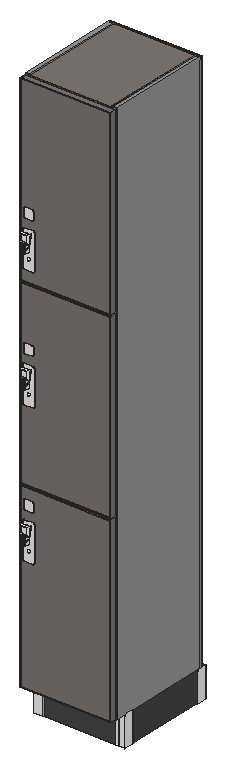
Revit family "Wood_Lockers_Hasps-Salsbury_Industries-43000_Series-1_Wide_Units.rfa", category Specialty Equipment, Revit 2016 (continued)
Definition of nested family "Wood Locker Flat Corner Fillers"
  Automatic sketch dimensions
    Extrusion 2 sketch curve to plane 5 "Left Side" = 0.000"
    plane 6 "Front Side" to Extrusion 2 sketch curve = 0.000"
    Extrusion 2 sketch curve to plane 11 = 0.000"
    Extrusion 2 sketch curve to plane 4 "Right Side" = 0.000"
    Extrusion 2 sketch curve to plane 12 = 0.000"
    plane 7 "Back Side" to Extrusion 2 sketch curve = 0.000"
    Extrusion 1 sketch curve to plane 5 "Left Side" = 0.000"
    plane 7 "Back Side" to Extrusion 1 sketch curve = 0.000"
    Extrusion 1 sketch curve to plane 12 = 0.000"
    Extrusion 1 sketch curve to plane 4 "Right Side" = 0.000"
    plane 6 "Front Side" to Extrusion 1 sketch curve = 0.000"
    Extrusion 1 sketch curve to plane 11 = 0.000"
Definition of nested family "Wood Locker Side Panels-No Slope"
  Parameters (values of type "44330 - 6' H for 15"D Lockers")
    Width = 14.625"
    Visible = yes
    Version = "1.0 (12/15/23)"
    Type Comments = "Side Panel for Premier Wood Lockers without Sloping Hood"
    Model = "44330"
    Manufacturer = "Salsbury Industries"
    Laminate Surface = none
    Height = 72.000"
    Door Trim = none
    Description = "6' H for 15\" D Lockers"
    Depth = 0.750"
  Types (6): name | Width | Visible | Version | Type Comments | Model | Manufacturer | Description
    (no name) | 14.625" | yes | "1.0 (12/15/23)" | "Side Panel for Premier Wood Lockers without Sloping Hood" | "44330" | "Salsbury Industries" | "6' H for 15\" D Lockers"
    44330 - 6' H for 15"D Lockers | 14.625" | yes | "1.0 (12/15/23)" | "Side Panel for Premier Wood Lockers without Sloping Hood" | "44330" | "Salsbury Industries" | "6' H for 15\" D Lockers"
    44333 - 6' H for 18" D Lockers | 17.625" | yes | "1.0 (12/15/23)" | "Side Panel for Premier Wood Lockers withouth Sloping Hood" | "44333" | "Salsbury Industries" | "6' H for 18\" D Lockers"
    44335 - 6' H for 21" D Lockers | 20.625" | yes | "1.0 (12/15/23)" | "Side Panel for Premier Wood Lockers without Sloping Hood" | "44335" | "Salsbury Industries" | "6' H for 21\" D Lockers"
    None | 14.000" | no | "" | "" | "" | "" | ""
    44237 - 6' H for 24" D Lockers | 23.625" | yes | "1.0 (12/15/23)" | "Side Panel for Premier Wood Lockers without Sloping Hood" | "44237" | "Salsbury Industries" | "6' H for 21\" D Lockers"
  Reference planes (in)
    plane 1 "Center (Front/Back)": y = 0
    plane 2: z = 0
    plane 3 "Center (Left/Right)": x = 0
    plane 4 "Back": y = 0.375
    plane 5 "Front": y = -0.375
    plane 6 "Left Side": x = -7.3125
    plane 7 "Right Side": x = 7.3125
    plane 8 "Bottom": z = 0
    plane 9 "Top": z = 72
    plane 10 "Center Elevation": z = 36
    plane 11 "Wood - Laminate Edge": y = -0.344
    plane 12 "Right Side of Wood": x = 7.2815
    plane 13 "Left Side of Wood": x = -7.2815
    plane 14 "Top of Wood": z = 71.969
    plane 15 "Bottom of Wood": z = 0.031
  Forms (in)
    Extrusion 1, solid, visible <- "Visible"
      sketch origin (0, 0.375, 0) x (1, 0, 0) y (0, 0, 1)
        loop
          line (7.2815, 71.969) -> (-7.2815, 71.969) -> (-7.2815, 0.031) -> (7.2815, 0.031) -> (7.2815, 71.969)
      from 0 to 0.719
    Extrusion 2, solid, material <- "Laminate Surface", visible <- "Visible"
      sketch origin (0, -0.375, 0) x (1, 0, 0) y (0, 0, 1)
        loop
          line (-7.3125, 72) -> (-7.3125, 0) -> (7.3125, 0) -> (7.3125, 72) -> (-7.3125, 72)
      from -0.031 to 0
    Extrusion 3, solid, material <- "Laminate Surface", visible <- "Visible"
      sketch origin (0, 0, 0) x (1, 0, 0) y (0, 0, 1)
        loop
          line (-7.3125, 0) -> (7.3125, 0) -> (7.3125, 72) -> (-7.3125, 72) -> (-7.3125, 0)
        loop
          line (-7.2815, 0.031) -> (7.2815, 0.031) -> (7.2815, 71.969) -> (-7.2815, 71.969) -> (-7.2815, 0.031)
      from -0.375 to 0.344
  Dimensions and locks (in)
    equal spacing: plane 6 "Left Side", plane 3 "Center (Left/Right)", plane 7 "Right Side"
    plane 5 "Front" to plane 1 "Center (Front/Back)" to plane 4 "Back" = 0.375", 0.375"
    "Width": plane 6 "Left Side" to plane 7 "Right Side"
    "Depth": plane 5 "Front" to plane 4 "Back"
    equal spacing: plane 9 "Top", plane 10 "Center Elevation", plane 8 "Bottom"
    "Height": plane 9 "Top" to plane 8 "Bottom"
    locked: plane 5 "Front" to plane 11 "Wood - Laminate Edge" at 0.031
    locked: plane 15 "Bottom of Wood" to plane 8 "Bottom" at 0.031
    locked: plane 12 "Right Side of Wood" to plane 7 "Right Side" at 0.031
    locked: plane 6 "Left Side" to plane 13 "Left Side of Wood" at 0.031
    locked: plane 9 "Top" to plane 14 "Top of Wood" at 0.031
    aligned and locked: level to plane 2
    aligned and locked: Extrusion 2 sketch curve to plane 7 "Right Side"
    aligned and locked: plane 8 "Bottom" to Extrusion 2 sketch curve
    aligned and locked: plane 6 "Left Side" to Extrusion 2 sketch curve
    aligned and locked: plane 9 "Top" to Extrusion 2 sketch curve
    aligned and locked: Extrusion 3 to plane 4 "Back"
    aligned and locked: plane 11 "Wood - Laminate Edge" to Extrusion 3
  Automatic sketch dimensions
    plane 13 "Left Side of Wood" to Extrusion 1 sketch curve = 0.000"
    plane 12 "Right Side of Wood" to Extrusion 1 sketch curve = 0.000"
    Extrusion 1 sketch curve to plane 15 "Bottom of Wood" = 0.000"
    Extrusion 1 sketch curve to plane 14 "Top of Wood" = 0.000"
    plane 13 "Left Side of Wood" to Extrusion 3 sketch curve = 0.000"
    Extrusion 3 sketch curve to level = 0.000"
    plane 13 "Left Side of Wood" to Extrusion 3 sketch curve = 0.031"
    plane 12 "Right Side of Wood" to Extrusion 3 sketch curve = 0.000"
    plane 7 "Right Side" to Extrusion 3 sketch curve = 0.000"
    Extrusion 3 sketch curve to plane 15 "Bottom of Wood" = 0.000"
    Extrusion 3 sketch curve to plane 14 "Top of Wood" = 0.000"
    Extrusion 3 sketch curve to plane 9 "Top" = 0.000"
Definition of nested family "Wood Locker Side Panels-With Slope"
  Parameters (values of type "44334 - 6' H  for 18" D Lockers")
    Width = 17.625"
    Visible = yes
    Version = "1.0 (12/15/23)"
    Type Comments = "Side Panel for Premier Wood Lockers with Sloping Hood"
    Slope Height = 6.806"
    Model = "44334"
    Manufacturer = "Salsbury Industries"
    Laminate Surface = none
    Height = 72.062"
    Door Trim = none
    Description = "6' H for 18\" D Lockers"
    Depth = 0.750"
  Types (6): name | Width | Visible | Version | Type Comments | Slope Height | Model | Manufacturer | Height | Description
    (no name) | 17.625" | yes | "1.0 (12/15/23)" | "Side Panel for Premier Wood Lockers with Sloping Hood" | 6.806" | "44334" | "Salsbury Industries" | 72.062" | "6' H for 18\" D Lockers"
    44334 - 6' H  for 18" D Lockers | 17.625" | yes | "1.0 (12/15/23)" | "Side Panel for Premier Wood Lockers with Sloping Hood" | 6.806" | "44334" | "Salsbury Industries" | 72.062" | "6' H for 18\" D Lockers"
    44336 - 6' H for 21" D Lockers | 20.625" | yes | "1.0 (12/15/23)" | "Side Panel for Premier Wood Lockers with Sloping Hood" | 7.931" | "44336" | "Salsbury Industries" | 72.062" | "6' H for 21\" D Lockers"
    None | 14.625" | no | "" | "" | 5.681" | "" | "" | 72.062" | ""
    44339 - 6' H for 15" D Lockers | 14.625" | yes | "1.0 (12/15/23)" | "Side Panel for Premier Wood Lockers with Sloping Hood" | 5.681" | "44339" | "Salsbury Industries" | 72.062" | "6' H for 15\" D Lockers"
    44238- 6' H for 24" D Lockers | 23.625" | yes | "1.0 (12/15/23)" | "Side Panel for Premier Wood Lockers with Sloping Hood" | 8.608" | "44238" | "Salsbury Industries" | 72.153" | "6' H for 24\" D Lockers"
  Reference planes (in)
    plane 1 "Center (Front/Back)": y = 0
    plane 2: z = 0
    plane 3 "Center (Left/Right)": x = 0
    plane 4 "Back": y = 0.375
    plane 5 "Front": y = -0.375
    plane 6 "Left Side": x = -8.8125
    plane 7 "Right Side": x = 8.8125
    plane 8 "Bottom": z = 0
    plane 9 "Top": z = 72.062
    plane 10 "Center Elevation": z = 36.031
    plane 11 "Wood - Laminate Edge": y = -0.344
    plane 12 "Right Side of Wood": x = 8.7815
    plane 13 "Left Side of Wood": x = -8.7815
    plane 14 "Top of Wood": z = 71.937
    plane 15 "Bottom of Wood": z = 0.031
    plane 16: z = 78.868
    plane 17: z = 78.743
  Forms (in)
    Extrusion 1, solid, visible <- "Visible"
      sketch origin (0, 0.375, 0) x (1, 0, 0) y (0, 0, 1)
        loop
          line (-8.8125, 78.837) -> (-8.8125, 0) -> (8.7815, 0) -> (8.7815, 72.04287) -> (-8.8125, 78.837)
      from 0 to 0.719
    Extrusion 2, solid, material <- "Laminate Surface", visible <- "Visible"
      sketch origin (0, -0.375, 0) x (1, 0, 0) y (0, 0, 1)
        loop
          line (-8.8125, 0) -> (8.8125, 0) -> (8.8125, 72.062) -> (-8.8125, 78.868) -> (-8.8125, 0)
      from -0.031 to 0
    Extrusion 3, solid, material <- "Laminate Surface", visible <- "Visible"
      sketch origin (0, -0.375, 0) x (1, 0, 0) y (0, 0, 1)
        loop
          line (8.8125, 0) -> (8.8125, 72.062) -> (-8.8125, 78.868) -> (-8.8125, 78.837) -> (8.7815, 72.04287) -> (8.7815, 0) -> (8.8125, 0)
      from -0.031 to -0.75
  Dimensions and locks (in)
    equal spacing: plane 6 "Left Side", plane 3 "Center (Left/Right)", plane 7 "Right Side"
    plane 5 "Front" to plane 1 "Center (Front/Back)" to plane 4 "Back" = 0.375", 0.375"
    "Width": plane 6 "Left Side" to plane 7 "Right Side"
    "Depth": plane 5 "Front" to plane 4 "Back"
    equal spacing: plane 9 "Top", plane 10 "Center Elevation", plane 8 "Bottom"
    "Height": plane 9 "Top" to plane 8 "Bottom"
    locked: plane 5 "Front" to plane 11 "Wood - Laminate Edge" at 0.031
    locked: plane 15 "Bottom of Wood" to plane 8 "Bottom" at 0.031
    locked: plane 12 "Right Side of Wood" to plane 7 "Right Side" at 0.031
    locked: plane 6 "Left Side" to plane 13 "Left Side of Wood" at 0.031
    locked: plane 9 "Top" to plane 14 "Top of Wood" at 0.125
    "Slope Height": plane 16 to plane 9 "Top"
    locked: plane 16 to plane 17 at 0.125
    aligned and locked: level to plane 2
    aligned and locked: Extrusion 3 to plane 4 "Back"
    aligned and locked: plane 11 "Wood - Laminate Edge" to Extrusion 3
  Automatic sketch dimensions
    plane 6 "Left Side" to Extrusion 2 sketch curve = 0.000"
    plane 7 "Right Side" to Extrusion 2 sketch curve = 0.000"
    Extrusion 2 sketch curve to level = 0.000"
    Extrusion 2 sketch curve to plane 9 "Top" = 0.000"
    Extrusion 2 sketch curve to plane 16 = 0.000"
    Extrusion 1 sketch curve to level = 0.000"
    plane 6 "Left Side" to Extrusion 1 sketch curve = 0.000"
    plane 12 "Right Side of Wood" to Extrusion 1 sketch curve = 0.000"
    plane 9 "Top" to Extrusion 1 sketch curve = 0.01913"
    plane 6 "Left Side" to Extrusion 3 sketch curve = 0.000"
    plane 12 "Right Side of Wood" to Extrusion 3 sketch curve = 0.000"
    plane 7 "Right Side" to Extrusion 3 sketch curve = 0.000"
    Extrusion 3 sketch curve to level = 0.000"
    Extrusion 3 sketch curve to plane 9 "Top" = 0.000"
    Extrusion 3 sketch curve to plane 16 = 0.000"
    plane 9 "Top" to Extrusion 3 sketch curve = 0.01913"
    plane 16 to Extrusion 3 sketch curve = 0.031"
    plane 16 to Extrusion 1 sketch curve = 0.031"
Definition of nested family "Wood Locker Double Side Panels-No Slope"
  Parameters (values of type "44330DE - 6' H for 15"D Lockers")
    Width = 29.250"
    Visible = yes
    Version = "1.0 (12/15/23)"
    Type Comments = "Double End Panel for Premier Wood Lockers"
    Model = "44330DE"
    Manufacturer = "Salsbury Industries"
    Laminate Surface = none
    Height = 72.000"
    Door Trim = none
    Description = "For 6' H x 15\" D without Sloping Hood"
    Depth = 0.750"
  Types (6): name | Width | Visible | Version | Type Comments | Model | Manufacturer | Description
    (no name) | 29.250" | yes | "1.0 (12/15/23)" | "Double End Panel for Premier Wood Lockers" | "44330DE" | "Salsbury Industries" | "For 6' H x 15\" D without Sloping Hood"
    44330DE - 6' H for 15"D Lockers | 29.250" | yes | "1.0 (12/15/23)" | "Double End Panel for Premier Wood Lockers" | "44330DE" | "Salsbury Industries" | "For 6' H x 15\" D without Sloping Hood"
    44333DE - 6' H for 18" D Lockers | 35.250" | yes | "1.0 (12/15/23)" | "Double End Panel for Premier Wood Lockers" | "44333DE" | "Salsbury Industries" | "For 6' H x 18\" D without Sloping Hood"
    44335DE - 6' H for 21" D Lockers | 41.250" | yes | "1.0 (12/15/23)" | "Double End Panel for Premier Wood Lockers" | "44335DE" | "Salsbury Industries" | "For 6' H x 21\" D without Sloping Hood"
    None | 14.000" | no | "" | "" | "" | "" | ""
    44237DE - 6' H for 24" D Lockers | 47.250" | yes | "1.0 (12/15/23)" | "Double End Panel for Premier Wood Lockers" | "44237DE" | "Salsbury Industries" | "For 6' H x 21\" D without Sloping Hood"
  Reference planes (in)
    plane 1 "Center (Front/Back)": y = 0
    plane 2: z = 0
    plane 3 "Center (Left/Right)": x = 0
    plane 4 "Back": y = 0.375
    plane 5 "Front": y = -0.375
    plane 6 "Left Side": x = -14.625
    plane 7 "Right Side": x = 14.625
    plane 8 "Bottom": z = 0
    plane 9 "Top": z = 72
    plane 10 "Center Elevation": z = 36
    plane 11 "Wood - Laminate Edge": y = -0.344
    plane 12 "Right Side of Wood": x = 14.594
    plane 13 "Left Side of Wood": x = -14.594
    plane 14 "Top of Wood": z = 71.969
    plane 15 "Bottom of Wood": z = 0.031
  Forms (in)
    Extrusion 1, solid, visible <- "Visible"
      sketch origin (0, 0.375, 0) x (1, 0, 0) y (0, 0, 1)
        loop
          line (14.594, 71.969) -> (-14.594, 71.969) -> (-14.594, 0.031) -> (14.594, 0.031) -> (14.594, 71.969)
      from 0 to 0.719
    Extrusion 2, solid, material <- "Laminate Surface", visible <- "Visible"
      sketch origin (0, -0.375, 0) x (1, 0, 0) y (0, 0, 1)
        loop
          line (-14.625, 72) -> (-14.625, 0) -> (14.625, 0) -> (14.625, 72) -> (-14.625, 72)
      from -0.031 to 0
    Extrusion 3, solid, material <- "Laminate Surface", visible <- "Visible"
      sketch origin (0, 0, 0) x (1, 0, 0) y (0, 0, 1)
        loop
          line (-14.625, 0) -> (14.625, 0) -> (14.625, 72) -> (-14.625, 72) -> (-14.625, 0)
        loop
          line (14.594, 71.969) -> (-14.594, 71.969) -> (-14.594, 0.031) -> (14.594, 0.031) -> (14.594, 71.969)
      from -0.375 to 0.344
  Dimensions and locks (in)
    equal spacing: plane 6 "Left Side", plane 3 "Center (Left/Right)", plane 7 "Right Side"
    plane 5 "Front" to plane 1 "Center (Front/Back)" to plane 4 "Back" = 0.375", 0.375"
    "Width": plane 6 "Left Side" to plane 7 "Right Side"
    "Depth": plane 5 "Front" to plane 4 "Back"
    equal spacing: plane 9 "Top", plane 10 "Center Elevation", plane 8 "Bottom"
    "Height": plane 9 "Top" to plane 8 "Bottom"
    locked: plane 5 "Front" to plane 11 "Wood - Laminate Edge" at 0.031
    locked: plane 15 "Bottom of Wood" to plane 8 "Bottom" at 0.031
    plane 12 "Right Side of Wood" to plane 7 "Right Side" = 0.031"
    locked: plane 6 "Left Side" to plane 13 "Left Side of Wood" at 0.031
    locked: plane 9 "Top" to plane 14 "Top of Wood" at 0.031
    aligned and locked: level to plane 2
    aligned and locked: plane 8 "Bottom" to Extrusion 2 sketch curve
    aligned and locked: plane 6 "Left Side" to Extrusion 2 sketch curve
    aligned and locked: Extrusion 2 sketch curve to plane 7 "Right Side"
    aligned and locked: plane 9 "Top" to Extrusion 2 sketch curve
    aligned and locked: Extrusion 3 to plane 4 "Back"
    aligned and locked: plane 11 "Wood - Laminate Edge" to Extrusion 3
  Automatic sketch dimensions
    plane 13 "Left Side of Wood" to Extrusion 1 sketch curve = 0.000"
    plane 12 "Right Side of Wood" to Extrusion 1 sketch curve = 0.000"
    Extrusion 1 sketch curve to plane 15 "Bottom of Wood" = 0.000"
    Extrusion 1 sketch curve to plane 14 "Top of Wood" = 0.000"
    Extrusion 3 sketch curve to level = 0.000"
    plane 6 "Left Side" to Extrusion 3 sketch curve = 0.000"
    plane 7 "Right Side" to Extrusion 3 sketch curve = 0.000"
    Extrusion 3 sketch curve to plane 9 "Top" = 0.000"
    plane 13 "Left Side of Wood" to Extrusion 3 sketch curve = 0.000"
    Extrusion 3 sketch curve to plane 15 "Bottom of Wood" = 0.000"
    Extrusion 3 sketch curve to plane 14 "Top of Wood" = 0.000"
    plane 12 "Right Side of Wood" to Extrusion 3 sketch curve = 0.000"
Definition of nested family "Wood Locker Double Side Panels-With Slope"
  Parameters (values of type "44339DE - 6' H for 15"D Lockers")
    Width = 29.250"
    Visible = yes
    Version = "1.0 (12/15/23)"
    Type Comments = "Double End Panel for Premier Wood Lockers"
    Slope Height = 5.681"
    Model = "44339DE"
    Manufacturer = "Salsbury Industries"
    Laminate Surface = none
    Height = 72.062"
    Door Trim = none
    Description = "For 6' H x 15\" D Lockers with Sloping Hood"
    Depth = 0.750"
  Types (6): name | Width | Visible | Version | Type Comments | Slope Height | Model | Manufacturer | Height | Description
    (no name) | 29.250" | yes | "1.0 (12/15/23)" | "Double End Panel for Premier Wood Lockers" | 5.681" | "44339DE" | "Salsbury Industries" | 72.062" | "For 6' H x 15\" D Lockers with Sloping Hood"
    44339DE - 6' H for 15"D Lockers | 29.250" | yes | "1.0 (12/15/23)" | "Double End Panel for Premier Wood Lockers" | 5.681" | "44339DE" | "Salsbury Industries" | 72.062" | "For 6' H x 15\" D Lockers with Sloping Hood"
    44334DE - 6' H  for 18" D Lockers | 35.250" | yes | "1.0 (12/15/23)" | "Double End Panel for Premier Wood Lockers" | 6.806" | "44334DE" | "Salsbury Industries" | 72.062" | "For 6' H x 18\" D Lockers with Sloping Hood"
    44336DE - 6' H for 21" D Lockers | 41.250" | yes | "1.0 (12/15/23)" | "Double End Panel for Premier Wood Lockers" | 7.931" | "44336DE" | "Salsbury Industries" | 72.062" | "For 6' H x 21\" D Lockers with Sloping Hood"
    None | 14.000" | no | "" | "" | 5.500" | "" | "" | 72.000" | ""
    44238DE - 6' H for 24" D Lockers | 47.250" | yes | "1.0 (12/15/23)" | "Double End Panel for Premier Wood Lockers" | 8.895" | "442386DE" | "Salsbury Industries" | 72.153" | "For 6' H x 21\" D Lockers with Sloping Hood"
  Reference planes (in)
    plane 1 "Center (Front/Back)": y = 0
    plane 2: z = 0
    plane 3 "Center (Left/Right)": x = 0
    plane 4 "Back": y = 0.375
    plane 5 "Front": y = -0.375
    plane 6 "Left Side": x = -14.625
    plane 7 "Right Side": x = 14.625
    plane 8 "Bottom": z = 0
    plane 9 "Top": z = 72.062
    plane 10 "Center Elevation": z = 36.031
    plane 11 "Wood - Laminate Edge": y = -0.344
    plane 12 "Right Side of Wood": x = 14.594
    plane 13 "Left Side of Wood": x = -14.594
    plane 14 "Top of Wood": z = 71.937
    plane 15 "Bottom of Wood": z = 0.125
    plane 16: z = 77.743
    plane 17: z = 77.712
  Forms (in)
    Extrusion 1, solid, visible <- "Visible"
      sketch origin (0, 0.375, 0) x (1, 0, 0) y (0, 0, 1)
        loop
          line (14.594, 72.031) -> (0, 77.712) -> (-14.594, 72.031) -> (-14.594, 0) -> (14.594, 0) -> (14.594, 72.031)
      from 0 to 0.719
    Extrusion 2, solid, material <- "Laminate Surface", visible <- "Visible"
      sketch origin (0, -0.375, 0) x (1, 0, 0) y (0, 0, 1)
        loop
          line (14.625, 0) -> (14.625, 72.062) -> (0, 77.743) -> (-14.625, 72.062) -> (-14.625, 0) -> (14.625, 0)
      from -0.031 to 0
    Extrusion 3, solid, material <- "Laminate Surface", visible <- "Visible"
      sketch origin (0, 0.375, 0) x (1, 0, 0) y (0, 0, 1)
        loop
          line (14.625, 0) -> (14.625, 72.062) -> (0, 77.743) -> (-14.625, 72.062) -> (-14.625, 0) -> (-14.594, 0) -> (-14.594, 72.031) -> (0, 77.712) -> (14.594, 72.031) -> (14.594, 0) -> (14.625, 0)
      from 0 to 0.719
  Dimensions and locks (in)
    equal spacing: plane 6 "Left Side", plane 3 "Center (Left/Right)", plane 7 "Right Side"
    plane 5 "Front" to plane 1 "Center (Front/Back)" to plane 4 "Back" = 0.375", 0.375"
    "Width": plane 6 "Left Side" to plane 7 "Right Side"
    "Depth": plane 5 "Front" to plane 4 "Back"
    equal spacing: plane 9 "Top", plane 10 "Center Elevation", plane 8 "Bottom"
    "Height": plane 9 "Top" to plane 8 "Bottom"
    locked: plane 5 "Front" to plane 11 "Wood - Laminate Edge" at 0.031
    locked: plane 15 "Bottom of Wood" to plane 8 "Bottom" at 0.125
    locked: plane 12 "Right Side of Wood" to plane 7 "Right Side" at 0.031
    locked: plane 6 "Left Side" to plane 13 "Left Side of Wood" at 0.031
    locked: plane 9 "Top" to plane 14 "Top of Wood" at 0.125
    "Slope Height": plane 16 to plane 9 "Top"
    locked: plane 16 to plane 17 at 0.031
    aligned and locked: level to plane 2
    aligned and locked: Extrusion 3 to plane 4 "Back"
    aligned and locked: plane 11 "Wood - Laminate Edge" to Extrusion 3
  Automatic sketch dimensions
    plane 6 "Left Side" to Extrusion 2 sketch curve = 0.000"
    Extrusion 2 sketch curve to plane 3 "Center (Left/Right)" = 0.000"
    plane 7 "Right Side" to Extrusion 2 sketch curve = 0.000"
    Extrusion 2 sketch curve to level = 0.000"
    Extrusion 2 sketch curve to plane 9 "Top" = 0.000"  (x2)
    Extrusion 2 sketch curve to plane 16 = 0.000"
    Extrusion 1 sketch curve to level = 0.000"
    plane 13 "Left Side of Wood" to Extrusion 1 sketch curve = 0.000"
    Extrusion 1 sketch curve to plane 3 "Center (Left/Right)" = 0.000"
    plane 12 "Right Side of Wood" to Extrusion 1 sketch curve = 0.000"
    Extrusion 1 sketch curve to plane 17 = 0.000"
    plane 9 "Top" to Extrusion 1 sketch curve = 0.031"  (x2)
    Extrusion 3 sketch curve to level = 0.000"  (x2)
    plane 6 "Left Side" to Extrusion 3 sketch curve = 0.000"
    plane 13 "Left Side of Wood" to Extrusion 3 sketch curve = 0.000"
    Extrusion 3 sketch curve to plane 3 "Center (Left/Right)" = 0.000"  (x2)
    plane 12 "Right Side of Wood" to Extrusion 3 sketch curve = 0.000"
    plane 7 "Right Side" to Extrusion 3 sketch curve = 0.000"
    Extrusion 3 sketch curve to plane 9 "Top" = 0.000"  (x2)
    plane 9 "Top" to Extrusion 3 sketch curve = 0.031"  (x2)
    Extrusion 3 sketch curve to plane 17 = 0.000"
    Extrusion 3 sketch curve to plane 16 = 0.000"
Definition of nested family "Wood Locker Front Fillers"
  Parameters (values of type "44469 - 9" W for 6' H Lockers without Base")
    Width = 9.000"
    Visible Base = no
    Visible = yes
    Version = "1.0 (1/31/24)"
    Type Comments = "Front Vertical Filler for Premier Wood Lockers"
    Model = "44469"
    Manufacturer = "Salsbury Industries"
    Laminate Surface = none
    Height = 72.000"
    Description = "For 6' H Lockers"
    Depth = 0.750"
    Base Height = 0.000"
  Types (6): name | Width | Visible Base | Visible | Version | Type Comments | Model | Manufacturer | Description | Base Height
    (no name) | 9.000" | no | yes | "1.0 (1/31/24)" | "Front Vertical Filler for Premier Wood Lockers" | "44469" | "Salsbury Industries" | "For 6' H Lockers" | 0.000"
    44467 - 15"W for 6' H Lockers with Base | 15.000" | yes | yes | "1.0 (01/31/24)" | "Front Vertical Filler for Premier Wood Lockers" | "444367" | "Salsbury Industries" | "For 6' H Lockers" | 4.000"
    None | 15.000" | no | no | "" | "" | "" | "" | "" | 4.000"
    44469 - 9" W for 6' H Lockers with Base | 9.000" | yes | yes | "1.0 (01/31/24)" | "Front Vertical Filler for Premier Wood Lockers" | "44469" | "Salsbury Industries" | "For 6' H Lockers" | 4.000"
    44467 - 15" W for 6'H Lockers without Base | 15.000" | no | yes | "1.0 (01/31/24)" | "Front Vertical Filler for Premier Wood Lockers" | "44467" | "Salsbury Industries" | "For 6' H Lockers" | 0.000"
    44469 - 9" W for 6' H Lockers without Base | 9.000" | no | yes | "1.0 (1/31/24)" | "Front Vertical Filler for Premier Wood Lockers" | "44469" | "Salsbury Industries" | "For 6' H Lockers" | 0.000"
  Reference planes (in)
    plane 1 "Center (Front/Back)": y = 0
    plane 2: z = 0
    plane 3 "Center (Left/Right)": x = 0
    plane 4 "Back": y = 0.375
    plane 5 "Front": y = -0.375
    plane 6 "Left Side": x = -4.5
    plane 7 "Right Side": x = 4.5
    plane 8 "Bottom": z = 0
    plane 9 "Top": z = 72
    plane 10 "Center Elevation": z = 36
    plane 11 "Wood - Laminate Edge": y = -0.344
    plane 12 "Right Side of Wood": x = 4.375
    plane 13 "Left Side of Wood": x = -4.375
    plane 14 "Top of Wood": z = 71.875
    plane 15 "Bottom of Wood": z = 0.125
    plane 16 "Front of Base Filler": y = 1
  Forms (in)
    Extrusion 1, solid, visible <- "Visible"
      sketch origin (0, 0.375, 0) x (1, 0, 0) y (0, 0, 1)
        loop
          line (4.5, 72) -> (-4.5, 72) -> (-4.5, 0) -> (4.5, 0) -> (4.5, 72)
      from 0 to 0.719
    Extrusion 2, solid, material <- "Laminate Surface", visible <- "Visible"
      sketch origin (0, -0.375, 0) x (1, 0, 0) y (0, 0, 1)
        loop
          line (-4.5, 72) -> (-4.5, 0) -> (4.5, 0) -> (4.5, 72) -> (-4.5, 72)
      from -0.031 to 0
    Extrusion 3, solid, visible <- "Visible Base"
      sketch origin (0, 0, 0) x (1, 0, 0) y (0, 1, 0)
        loop
          line (-4.5, 1.75) -> (-4.5, 0.375) -> (4.5, 0.375) -> (4.5, 1.75) -> (-4.5, 1.75)
      from 0 to 0.75
    Extrusion 4, solid, visible <- "Visible Base"
      sketch origin (0, 0, 0) x (1, 0, 0) y (0, 1, 0)
        loop
          line (-4.5, 1.75) -> (-4.5, 1) -> (4.5, 1) -> (4.5, 1.75) -> (-4.5, 1.75)
      from 0 to -4
  Dimensions and locks (in)
    equal spacing: plane 6 "Left Side", plane 3 "Center (Left/Right)", plane 7 "Right Side"
    plane 5 "Front" to plane 1 "Center (Front/Back)" to plane 4 "Back" = 0.375", 0.375"
    "Width": plane 6 "Left Side" to plane 7 "Right Side"
    "Depth": plane 5 "Front" to plane 4 "Back"
    equal spacing: plane 9 "Top", plane 10 "Center Elevation", plane 8 "Bottom"
    locked: plane 5 "Front" to plane 11 "Wood - Laminate Edge" at 0.031
    locked: plane 15 "Bottom of Wood" to plane 8 "Bottom" at 0.125
    locked: plane 12 "Right Side of Wood" to plane 7 "Right Side" at 0.125
    locked: plane 6 "Left Side" to plane 13 "Left Side of Wood" at 0.125
    locked: plane 9 "Top" to plane 14 "Top of Wood" at 0.125
    locked: plane 5 "Front" to plane 16 "Front of Base Filler" at 1.375
    "Base Height": plane 8 "Bottom" to plane 2
    "Height": plane 9 "Top" to plane 8 "Bottom"
    aligned and locked: level to plane 2
    aligned and locked: plane 8 "Bottom" to Extrusion 1
  Automatic sketch dimensions
    plane 6 "Left Side" to Extrusion 1 sketch curve = 0.000"
    plane 7 "Right Side" to Extrusion 1 sketch curve = 0.000"
    level to Extrusion 1 sketch curve = 0.000"
    Extrusion 1 sketch curve to plane 9 "Top" = 0.000"
    plane 6 "Left Side" to Extrusion 2 sketch curve = 0.000"
    plane 7 "Right Side" to Extrusion 2 sketch curve = 0.000"
    plane 15 "Bottom of Wood" to Extrusion 2 sketch curve = 0.125"
    Extrusion 2 sketch curve to plane 9 "Top" = 0.000"
    plane 4 "Back" to Extrusion 3 sketch curve = 0.000"
    Extrusion 3 sketch curve to plane 6 "Left Side" = 0.000"
    Extrusion 3 sketch curve to plane 7 "Right Side" = 0.000"
    Extrusion 3 sketch curve to plane 16 "Front of Base Filler" = 0.750"
    Extrusion 4 sketch curve to plane 6 "Left Side" = 0.000"
    Extrusion 4 sketch curve to plane 7 "Right Side" = 0.000"
    plane 16 "Front of Base Filler" to Extrusion 4 sketch curve = 0.000"
    Extrusion 4 sketch curve to plane 16 "Front of Base Filler" = 0.750"
Definition of nested family "Wood Locker Front Corner Filler"
  Parameters (values of type "44464 - for 6' H Lockers with Base")
    Width = 2.250"
    Visible Base = yes
    Visible = yes
    Version = "1.0 (12/15/23)"
    Type Comments = "Front Vertical Corner Filler for Designer Wood Lockers"
    Primary Structure Materials = none
    Model = "44464"
    Manufacturer = "Salsbury Industries"
    Laminate Surface = none
    Height = 72.000"
    Description = "For 6' H Lockers"
    Depth = 0.750"
    Base Primary Materials = none
    Base Height = 4.000"
  Types (3): name | Visible Base | Visible | Version | Type Comments | Model | Manufacturer | Description | Base Height
    None | no | no | "" | "" | "" | "" | "" | 4.000"
    44464 - for 6'H Lockers without Base | no | yes | "1.0 (12/15/23)" | "Front Vertical Corner Filler for Designer Wood Lockers" | "44464" | "Salsbury Industries" | "For 6' H Lockers" | 0.000"
    44464 - for 6' H Lockers with Base | yes | yes | "1.0 (12/15/23)" | "Front Vertical Corner Filler for Designer Wood Lockers" | "44464" | "Salsbury Industries" | "For 6' H Lockers" | 4.000"
  Reference planes (in)
    plane 1 "Center (Front/Back)": y = 0
    plane 2 "Bottom of Base": z = 0
    plane 3 "Center (Left/Right)": x = 0
    plane 4 "Back": y = 0.375
    plane 5 "Front": y = -0.375
    plane 6 "Left Side": x = -1.125
    plane 7 "Right Side": x = 1.125
    plane 8 "Bottom": z = 4
    plane 9 "Top": z = 76
    plane 10 "Center Elevation": z = 40
    plane 11 "Wood - Laminate Edge": y = -0.344
    plane 12 "Right Side of Wood": x = 1
    plane 13 "Left Side of Wood": x = -1
    plane 14 "Top of Wood": z = 75.875
    plane 15 "Bottom of Wood": z = 4.125
    plane 16 "Front of Base Filler": y = 1
  Forms (in)
    Extrusion 1, solid, material <- "Primary Structure Materials", visible <- "Visible"
      sketch origin (0, 0.375, 0) x (1, 0, 0) y (0, 0, 1)
        loop
          line (1.125, 76) -> (-1.156, 76) -> (-1.156, 4) -> (1.125, 4) -> (1.125, 76)
      from 0 to 0.719
    Extrusion 2, solid, material <- "Laminate Surface", visible <- "Visible"
      sketch origin (0, -0.375, 0) x (1, 0, 0) y (0, 0, 1)
        loop
          line (-1.125, 76) -> (-1.125, 4) -> (1.125, 4) -> (1.125, 76) -> (-1.125, 76)
      from -0.031 to 0
    Extrusion 3, solid, material <- "Primary Structure Materials", visible <- "Visible"
      sketch origin (-1.875, -1.5, 0) x (0, 1, 0) y (0, 0, 1)
        loop
          line (1.875, 76) -> (-1.125, 76) -> (-1.125, 4) -> (1.875, 4) -> (1.875, 76)
      from 0 to 0.719
    Extrusion 4, solid, material <- "Laminate Surface", visible <- "Visible"
      sketch origin (-1.125, -1.5, 0) x (0, 1, 0) y (0, 0, 1)
        loop
          line (-1.125, 76) -> (-1.125, 4) -> (1.156, 4) -> (1.156, 76) -> (-1.125, 76)
      from -0.031 to 0
    Extrusion 5, solid, material <- "Base Primary Materials", visible <- "Visible Base"
      sketch origin (0, 0, 0) x (1, 0, 0) y (0, 1, 0)
        loop
          line (-3.25, 1.75) -> (-3.25, -2.625) -> (-1.875, -2.625) -> (-1.875, 1.75) -> (-3.25, 1.75)
      from 4 to 4.75
    Extrusion 6, solid, material <- "Base Primary Materials", visible <- "Visible Base"
      sketch origin (0, 0, 0) x (1, 0, 0) y (0, 1, 0)
        loop
          line (-1.875, 1.75) -> (-1.875, 0.375) -> (1.125, 0.375) -> (1.125, 1.75) -> (-1.875, 1.75)
      from 4 to 4.75
    Extrusion 7, solid, material <- "Base Primary Materials", visible <- "Visible Base"
      sketch origin (0, 0, 0) x (1, 0, 0) y (0, 1, 0)
        loop
          line (1.125, 1.75) -> (-2.43407, 1.75) -> (-2.43407, 1) -> (1.125, 1) -> (1.125, 1.75)
      from 0 to 4
    Extrusion 8, solid, material <- "Base Primary Materials", visible <- "Visible Base"
      sketch origin (0, 0, 0) x (1, 0, 0) y (0, 1, 0)
        loop
          line (-3.25, 1.75) -> (-3.25, -2.625) -> (-2.43407, -2.625) -> (-2.43407, 1.75) -> (-3.25, 1.75)
      from 0 to 4
  Dimensions and locks (in)
    equal spacing: plane 6 "Left Side", plane 3 "Center (Left/Right)", plane 7 "Right Side"
    plane 5 "Front" to plane 1 "Center (Front/Back)" to plane 4 "Back" = 0.375", 0.375"
    "Width": plane 6 "Left Side" to plane 7 "Right Side"
    "Depth": plane 5 "Front" to plane 4 "Back"
    equal spacing: plane 9 "Top", plane 10 "Center Elevation", plane 8 "Bottom"
    "Height": plane 9 "Top" to plane 8 "Bottom"
    locked: plane 5 "Front" to plane 11 "Wood - Laminate Edge" at 0.031
    locked: plane 15 "Bottom of Wood" to plane 8 "Bottom" at 0.125
    locked: plane 12 "Right Side of Wood" to plane 7 "Right Side" at 0.125
    locked: plane 6 "Left Side" to plane 13 "Left Side of Wood" at 0.125
    locked: plane 9 "Top" to plane 14 "Top of Wood" at 0.125
    locked: plane 5 "Front" to plane 16 "Front of Base Filler" at 1.375
    "Base Height": plane 8 "Bottom" to plane 2 "Bottom of Base"
    aligned and locked: level to plane 2 "Bottom of Base"
    aligned and locked: plane 8 "Bottom" to Extrusion 1
    aligned and locked: Extrusion 7 to Extrusion 5
    aligned and locked: Extrusion 8 to Extrusion 5
    aligned and locked: Extrusion 7 to Extrusion 8
  Automatic sketch dimensions
    Extrusion 1 sketch curve to plane 9 "Top" = 0.000"
    Extrusion 1 sketch curve to plane 8 "Bottom" = 0.000"
    plane 7 "Right Side" to Extrusion 1 sketch curve = 0.000"
    plane 6 "Left Side" to Extrusion 1 sketch curve = 0.031"
    plane 6 "Left Side" to Extrusion 2 sketch curve = 0.000"
    plane 7 "Right Side" to Extrusion 2 sketch curve = 0.000"
    Extrusion 2 sketch curve to plane 8 "Bottom" = 0.000"
    Extrusion 2 sketch curve to plane 9 "Top" = 0.000"
    plane 9 "Top" to Extrusion 3 sketch curve = 0.000"
    plane 8 "Bottom" to Extrusion 3 sketch curve = 0.000"
    Extrusion 3 sketch curve to plane 4 "Back" = 0.000"
    plane 5 "Front" to Extrusion 3 sketch curve = 2.250"
    plane 8 "Bottom" to Extrusion 4 sketch curve = 0.000"
    plane 9 "Top" to Extrusion 4 sketch curve = 0.000"
    Extrusion 4 sketch curve to plane 11 "Wood - Laminate Edge" = 0.000"
    plane 5 "Front" to Extrusion 4 sketch curve = 2.250"
    plane 6 "Left Side" to Extrusion 5 sketch curve = 2.125"
    plane 6 "Left Side" to Extrusion 5 sketch curve = 0.750"
    plane 5 "Front" to Extrusion 5 sketch curve = 2.250"
    Extrusion 5 sketch curve to plane 16 "Front of Base Filler" = 0.750"
    plane 16 "Front of Base Filler" to Extrusion 7 sketch curve = 0.000"
    Extrusion 7 sketch curve to plane 7 "Right Side" = 0.000"
    plane 6 "Left Side" to Extrusion 7 sketch curve = 1.30907"
    Extrusion 7 sketch curve to plane 16 "Front of Base Filler" = 0.750"
    plane 6 "Left Side" to Extrusion 8 sketch curve = 2.125"
    Extrusion 8 sketch curve to Extrusion 8 sketch curve = 0.81593"
    plane 5 "Front" to Extrusion 8 sketch curve = 2.250"
    Extrusion 8 sketch curve to plane 16 "Front of Base Filler" = 0.750"
    plane 4 "Back" to Extrusion 6 sketch curve = 0.000"
    Extrusion 6 sketch curve to plane 7 "Right Side" = 0.000"
    plane 6 "Left Side" to Extrusion 6 sketch curve = 0.750"
    Extrusion 6 sketch curve to plane 16 "Front of Base Filler" = 0.750"
Definition of nested family "Wood Locker Sloping In-Line Fillers"
  Parameters (values of type "44481 - 15" W for 21" D Lockers")
    Width = 15.000"
    Visible = yes
    Version = "1.0 (12/15/23)"
    Type Comments = "Sloping Hood In-Line Filler for Premier Wood Lockers"
    Model = "44481"
    Manufacturer = "Salsbury Industries"
    Laminate Surface = none
    Height = 7.993"
    Description = "For 21\" D Lockers"
    Depth = 20.625"
  Types (10): name | Width | Visible | Version | Type Comments | Model | Manufacturer | Height | Description | Depth
    (no name) | 15.000" | yes | "1.0 (12/15/23)" | "Sloping Hood In-Line Filler for Premier Wood Lockers" | "44481" | "Salsbury Industries" | 7.993" | "For 21\" D Lockers" | 20.625"
    44487 - 15" W for 15" D Lockers | 15.000" | yes | "1.0 (12/15/23)" | "Sloping Hood In-Line Filler for Premier Wood Lockers" | "44487" | "Salsbury Industries" | 5.743" | "For 15\" D Lockers" | 14.625"
    44488 - 15" W for 18" D Lockers | 15.000" | yes | "1.0 (12/15/23)" | "Sloping Hood In-Line Filler for Premier Wood Lockers" | "44488" | "Salsbury Industries" | 6.868" | "For 18\" D Lockers" | 17.625"
    44481 - 15" W for 21" D Lockers | 15.000" | yes | "1.0 (12/15/23)" | "Sloping Hood In-Line Filler for Premier Wood Lockers" | "44481" | "Salsbury Industries" | 7.993" | "For 21\" D Lockers" | 20.625"
    None | 12.000" | no | "" | "" | "" | "" | 5.500" | "" | 14.000"
    44489 - 15" W for 24" D Lockers | 15.000" | yes | "1.0 (12/15/23)" | "Sloping Hood In-Line Filler for Premier Wood Lockers" | "44489" | "Salsbury Industries" | 8.875" | "For 24\" D Lockers" | 23.000"
    44488 - 9" W for 18" D Lockers | 9.000" | yes | "1.0 (12/15/23)" | "Sloping Hood In-Line Filler for Premier Wood Lockers" | "44488" | "Salsbury Industries" | 6.868" | "For 18\" D Lockers" | 17.625"
    44487 - 9" W for 15" D Lockers | 9.000" | yes | "1.0 (12/15/23)" | "Sloping Hood In-Line Filler for Premier Wood Lockers" | "44487" | "Salsbury Industries" | 5.743" | "For 15\" D Lockers" | 14.625"
    44481 - 9" W for 21" D Lockers | 9.000" | yes | "1.0 (12/15/23)" | "Sloping Hood In-Line Filler for Premier Wood Lockers" | "44481" | "Salsbury Industries" | 7.750" | "For 21\" D Lockers" | 20.000"
    44489 - 9" W for 24" D Lockers | 9.000" | yes | "1.0 (12/15/23)" | "Sloping Hood In-Line Filler for Premier Wood Lockers" | "44489" | "Salsbury Industries" | 8.875" | "For 24\" D Lockers" | 23.000"
  Reference planes (in)
    plane 1 "Center (Front/Back)": y = 0
    plane 2: z = 0
    plane 3 "Center (Left/Right)": x = 0
    plane 4 "Front of Hood": y = -10.3125
    plane 5 "Back of Hood": y = 10.3125
    plane 6 "Right Side of Hood": x = 7.5
    plane 7 "Left Side of Hood": x = -7.5
    plane 8 "Bottom of Hood": z = 0
    plane 9 "Top of Hood": z = 7.993
    plane 10: x = 6.75
    plane 11: x = -6.75
    plane 12: y = -10.2815
    plane 13: y = -9.5625
    plane 14: z = 7.962
    plane 15: z = 7.243
    plane 16: z = 0.062
    plane 17: z = 0.75
  Forms (in)
    Extrusion 1, solid, visible <- "Visible"
      sketch origin (0, 0, 0) x (0, 1, 0) y (0, 0, 1)
        loop
          line (-8.47273, 0) -> (10.3125, 7.243) -> (10.3125, 7.962) -> (-10.23269, 0.062) -> (-10.2815, 0.062) -> (-10.2815, 0) -> (-8.47273, 0)
      from -7.5 to 7.5
    Extrusion 2, solid, material <- "Laminate Surface", visible <- "Visible"
      sketch origin (0, 0, 0) x (0, 1, 0) y (0, 0, 1)
        loop
          line (-10.3125, 0.062) -> (-10.3125, 0) -> (-10.2815, 0) -> (-10.2815, 0.062) -> (-10.3125, 0.062)
      from -7.5 to 7.5
    Extrusion 3, solid, material <- "Laminate Surface", visible <- "Visible"
      sketch origin (0, 0, 0) x (0, 1, 0) y (0, 0, 1)
        loop
          line (10.3125, 7.993) -> (-10.3125, 0.062) -> (-10.23269, 0.062) -> (10.3125, 7.962) -> (10.3125, 7.993)
      from -7.5 to 7.5
  Dimensions and locks (in)
    equal spacing: plane 7 "Left Side of Hood", plane 3 "Center (Left/Right)", plane 6 "Right Side of Hood"
    "Width": plane 7 "Left Side of Hood" to plane 6 "Right Side of Hood"
    equal spacing: plane 4 "Front of Hood", plane 1 "Center (Front/Back)", plane 5 "Back of Hood"
    "Depth": plane 4 "Front of Hood" to plane 5 "Back of Hood"
    "Height": plane 9 "Top of Hood" to plane 8 "Bottom of Hood"
    plane 7 "Left Side of Hood" to plane 11 = 0.750"
    plane 10 to plane 6 "Right Side of Hood" = 0.750"
    plane 4 "Front of Hood" to plane 12 to plane 13 = 0.031" locked, 0.719" locked
    plane 15 to plane 14 to plane 9 "Top of Hood" = 0.719" locked, 0.031" locked
    locked: plane 16 to plane 8 "Bottom of Hood" at 0.062
    locked: plane 17 to plane 8 "Bottom of Hood" at 0.75
    aligned and locked: level to plane 2
    aligned and locked: Extrusion 1 to plane 6 "Right Side of Hood"
    aligned and locked: plane 7 "Left Side of Hood" to Extrusion 1
    aligned and locked: plane 7 "Left Side of Hood" to Extrusion 3
    aligned and locked: Extrusion 3 to plane 6 "Right Side of Hood"
    aligned and locked: Extrusion 2 to plane 6 "Right Side of Hood"
    aligned and locked: plane 7 "Left Side of Hood" to Extrusion 2
  Automatic sketch dimensions
    Extrusion 2 sketch curve to level = 0.000"
    Extrusion 2 sketch curve to plane 4 "Front of Hood" = 0.000"
    Extrusion 2 sketch curve to plane 12 = 0.000"
    plane 16 to Extrusion 2 sketch curve = 0.000"
    Extrusion 3 sketch curve to plane 4 "Front of Hood" = 0.000"
    plane 16 to Extrusion 3 sketch curve = 0.000"
    Extrusion 3 sketch curve to plane 5 "Back of Hood" = 0.000"
    plane 14 to Extrusion 3 sketch curve = 0.000"
    plane 9 "Top of Hood" to Extrusion 3 sketch curve = 0.000"
    Extrusion 3 sketch curve to plane 12 = 0.04881"
    Extrusion 1 sketch curve to level = 0.000"
    Extrusion 1 sketch curve to plane 12 = 0.000"
    plane 16 to Extrusion 1 sketch curve = 0.000"
    Extrusion 1 sketch curve to plane 5 "Back of Hood" = 0.000"
    plane 15 to Extrusion 1 sketch curve = 0.000"
    plane 14 to Extrusion 1 sketch curve = 0.000"
    Extrusion 1 sketch curve to plane 13 = 1.08977"
    Extrusion 1 sketch curve to plane 12 = 0.04881"
Definition of nested family "Wood Locker Flat In-Line Fillers"
  Parameters (values of type "44447 - 15" W for 15" D Lockers")
    Width = 15.000"
    Visible = yes
    Version = "1.0 (12/15/23)"
    Type Comments = "Flat Top In-Line Filler for Premier Wood Lockers"
    Model = "44447"
    Manufacturer = "Salsbury Industries"
    Laminate Surface = none
    Height = 0.750"
    Description = "For 15\" D Lockers"
    Depth = 13.250"
  Types (10): name | Width | Visible | Version | Type Comments | Model | Manufacturer | Description | Depth
    (no name) | 15.000" | yes | "1.0 (12/15/23)" | "Flat Top In-Line Filler for Premier Wood Lockers" | "44447" | "Salsbury Industries" | "For 15\" D Lockers" | 13.250"
    44447 - 15" W for 15" D Lockers | 15.000" | yes | "1.0 (12/15/23)" | "Flat Top In-Line Filler for Premier Wood Lockers" | "44447" | "Salsbury Industries" | "For 15\" D Lockers" | 13.250"
    44448 - 15" W for 18" D Lockers | 15.000" | yes | "1.0 (12/15/23)" | "Flat Top In-Line Filler for Premier Wood Lockers" | "44448" | "Salsbury Industries" | "For 18\" D Lockers" | 16.250"
    44441 - 15" W for 21" D Lockers | 15.000" | yes | "1.0 (12/15/23)" | "Flat Top In-Line Filler for Premier Wood Lockers" | "44441" | "Salsbury Industries" | "For 21\" D Lockers" | 19.250"
    None | 15.000" | no | "" | "" | "" | "" | "" | 13.250"
    44448 - 9" W for 18" D Lockers | 9.000" | yes | "1.0 (12/15/23)" | "Flat Top In-Line Filler for Premier Wood Lockers" | "44448" | "Salsbury Industries" | "For 18\" D Lockers" | 16.250"
    44447 - 9" W for 15" D Lockers | 9.000" | yes | "1.0 (12/15/23)" | "Flat Top In-Line Filler for Premier Wood Lockers" | "44447" | "Salsbury Industries" | "For 15\" D Lockers" | 13.250"
    44441 - 9" W for 21" D Lockers | 9.000" | yes | "1.0 (12/15/23)" | "Flat Top In-Line Filler for Premier Wood Lockers" | "44441" | "Salsbury Industries" | "For 21\" D Lockers" | 19.250"
    44449 - 15" W for 24" D Lockers | 15.000" | yes | "1.0 (12/15/23)" | "Flat Top In-Line Filler for Premier Wood Lockers" | "44449" | "Salsbury Industries" | "For 24\" D Lockers" | 22.250"
    44449 - 9" W for 24" D Lockers | 9.000" | yes | "1.0 (12/15/23)" | "Flat Top In-Line Filler for Premier Wood Lockers" | "44449" | "Salsbury Industries" | "For 24\" D Lockers" | 22.250"
  Reference planes (in)
    plane 1 "Center (Front/Back)": y = 0
    plane 2: z = 0
    plane 3 "Center (Left/Right)": x = 0
    plane 4 "Right Side": x = 7.5
    plane 5 "Left Side": x = -7.5
    plane 6 "Front Side": y = -6.625
    plane 7 "Back Side": y = 6.625
    plane 8 "Bottom": z = 0
    plane 9 "Top Side": z = 0.75
    plane 10 "Wood - Laminate Line": z = 0.719
  Forms (in)
    Extrusion 1, solid, visible <- "Visible"
      sketch origin (0, 0, 0) x (0, -1, 0) y (1, 0, 0)
        loop
          line (-6.625, -7.5) -> (6.625, -7.5) -> (6.625, 7.5) -> (-6.625, 7.5) -> (-6.625, -7.5)
      from 0 to 0.719
    Extrusion 2, solid, material <- "Laminate Surface", visible <- "Visible"
      sketch origin (0, 0, 0.75) x (1, 0, 0) y (0, 1, 0)
        loop
          line (-7.5, -6.625) -> (7.5, -6.625) -> (7.5, 6.625) -> (-7.5, 6.625) -> (-7.5, -6.625)
      from -0.031 to 0
  Dimensions and locks (in)
    equal spacing: plane 6 "Front Side", plane 1 "Center (Front/Back)", plane 7 "Back Side"
    equal spacing: plane 5 "Left Side", plane 3 "Center (Left/Right)", plane 4 "Right Side"
    "Width": plane 5 "Left Side" to plane 4 "Right Side"
    "Depth": plane 6 "Front Side" to plane 7 "Back Side"
    "Height": plane 9 "Top Side" to plane 8 "Bottom"
    locked: plane 9 "Top Side" to plane 10 "Wood - Laminate Line" at 0.031
    aligned and locked: level to plane 2
  Automatic sketch dimensions
    Extrusion 1 sketch curve to plane 4 "Right Side" = 0.000"
    plane 7 "Back Side" to Extrusion 1 sketch curve = 0.000"
    Extrusion 1 sketch curve to plane 5 "Left Side" = 0.000"
    plane 6 "Front Side" to Extrusion 1 sketch curve = 0.000"
    Extrusion 2 sketch curve to plane 5 "Left Side" = 0.000"
    plane 4 "Right Side" to Extrusion 2 sketch curve = 0.000"
    plane 6 "Front Side" to Extrusion 2 sketch curve = 0.000"
    Extrusion 2 sketch curve to plane 7 "Back Side" = 0.000"
Definition of nested family "Wood Locker Fascia Fillers"
  Parameters (values of type "44462 - for 3-Wide Units")
    Width = 36.000"
    Visible = yes
    Type Comments = "Front Fascia Filler for Premier Wood Lockers"
    Model = "44462"
    Manufacturer = "Salsbury Industries"
    Laminate Surface = none
    Height = 4.000"
    Description = "4' W for Standard Designer Lockers"
    Depth = 0.750"
  Types (4): name | Width | Visible | Type Comments | Model | Manufacturer | Description
    (no name) | 36.000" | yes | "Front Fascia Filler for Premier Wood Lockers" | "44462" | "Salsbury Industries" | "4' W for Standard Designer Lockers"
    44462 - for 1-Wide Units | 12.000" | yes | "Front Fascia Filler for Premier Wood Lockers" | "44462" | "Salsbury Industries" | "4' W for Standard Designer Lockers"
    None | 12.000" | no | "" | "" | "" | ""
    44462 - for 3-Wide Units | 36.000" | yes | "Front Fascia Filler for Premier Wood Lockers" | "44462" | "Salsbury Industries" | "4' W for Standard Designer Lockers"
  Reference planes (in)
    plane 1 "Center (Front/Back)": y = 0
    plane 2: z = 0
    plane 3 "Center (Left/Right)": x = 0
    plane 4 "Back": y = 0.375
    plane 5 "Front": y = -0.375
    plane 6 "Left Side": x = -18
    plane 7 "Right Side": x = 18
    plane 8 "Bottom": z = 0
    plane 9 "Top": z = 4
    plane 10 "Center Elevation": z = 2
    plane 11 "Wood - Laminate Edge": y = -0.344
    plane 12 "Right Side of Wood": x = 17.875
    plane 13 "Left Side of Wood": x = -17.875
    plane 14 "Top of Wood": z = 3.875
    plane 15 "Bottom of Wood": z = 0.125
    plane 16 "Base Bottom": z = 0
    plane 17 "Front of Base Filler": y = 1
  Forms (in)
    Extrusion 1, solid, visible <- "Visible"
      sketch origin (0, 0.375, 0) x (1, 0, 0) y (0, 0, 1)
        loop
          line (18, 4) -> (-18, 4) -> (-18, 0) -> (18, 0) -> (18, 4)
      from 0 to 0.719
    Extrusion 2, solid, material <- "Laminate Surface", visible <- "Visible"
      sketch origin (0, -0.375, 0) x (1, 0, 0) y (0, 0, 1)
        loop
          line (-18, 4) -> (-18, 0) -> (18, 0) -> (18, 4) -> (-18, 4)
      from -0.031 to 0
  Dimensions and locks (in)
    equal spacing: plane 6 "Left Side", plane 3 "Center (Left/Right)", plane 7 "Right Side"
    plane 5 "Front" to plane 1 "Center (Front/Back)" to plane 4 "Back" = 0.375", 0.375"
    "Width": plane 6 "Left Side" to plane 7 "Right Side"
    "Depth": plane 5 "Front" to plane 4 "Back"
    equal spacing: plane 9 "Top", plane 10 "Center Elevation", plane 8 "Bottom"
    "Height": plane 9 "Top" to plane 8 "Bottom"
    locked: plane 5 "Front" to plane 11 "Wood - Laminate Edge" at 0.031
    locked: plane 15 "Bottom of Wood" to plane 8 "Bottom" at 0.125
    locked: plane 12 "Right Side of Wood" to plane 7 "Right Side" at 0.125
    locked: plane 6 "Left Side" to plane 13 "Left Side of Wood" at 0.125
    locked: plane 9 "Top" to plane 14 "Top of Wood" at 0.125
    locked: plane 5 "Front" to plane 17 "Front of Base Filler" at 1.375
    aligned and locked: level to plane 2
    aligned and locked: Extrusion 1 to plane 8 "Bottom"
  Automatic sketch dimensions
    plane 6 "Left Side" to Extrusion 1 sketch curve = 0.000"
    plane 7 "Right Side" to Extrusion 1 sketch curve = 0.000"
    level to Extrusion 1 sketch curve = 0.000"
    Extrusion 1 sketch curve to plane 9 "Top" = 0.000"
    plane 6 "Left Side" to Extrusion 2 sketch curve = 0.000"
    plane 7 "Right Side" to Extrusion 2 sketch curve = 0.000"
    plane 15 "Bottom of Wood" to Extrusion 2 sketch curve = 0.125"
    Extrusion 2 sketch curve to plane 9 "Top" = 0.000"
Types (7): name | Version | Unit Height including Sloping Hood Only | Unit Height including Base Only | Sloping Hood Height | Overall Unit Height including Base and Sloping Hood | Model | Flat Top In-Line Filler - Right Side | Description | Depth | Compartment Depth | Base Height | Base Depth | Base
  (no name) | "1.0  (01/31/24)" | 77.743" | 76.000" | 5.743" | 81.743" | "43165" | Wood Locker Flat In-Line Fillers : None | "1 Wide - 6 Feet High - 15 inches Deep - with Base" | 15.000" | 13.750" | 4.000" | 13.250" | Wood Locker Bases : Base - 12" W x 15" D Lockers
  43165 | "1.0  (01/31/24)" | 77.743" | 76.000" | 5.743" | 81.743" | "43165" | Wood Locker Flat In-Line Fillers : None | "1 Wide - 6 Feet High - 15 inches Deep - with Base" | 15.000" | 13.750" | 4.000" | 13.250" | Wood Locker Bases : Base - 12" W x 15" D Lockers
  43165 - without Base | "1.0  (01/31/24)" | 77.743" | 72.000" | 5.743" | 77.743" | "43165 without Base" | Wood Locker Sloping In-Line Fillers : None | "1 Wide - 6 Feet High - 15 inches Deep - without Base" | 15.000" | 13.750" | 0.000" | 13.250" | Wood Locker Bases : None
  43168 | "1.0 (01/31/24)" | 78.868" | 76.000" | 6.868" | 82.868" | "43168" | Wood Locker Sloping In-Line Fillers : None | "1 Wide - 6 Feet High - 18 inches Deep - with Base" | 18.000" | 16.750" | 4.000" | 16.250" | Wood Locker Bases : Base - 12" W x 18" D Lockers
  43168 - without Base | "1.0 (01/31/24)" | 78.868" | 72.000" | 6.868" | 78.868" | "43168 without Base" | Wood Locker Sloping In-Line Fillers : None | "1 Wide - 6 Feet High - 18 inches Deep - without Base" | 18.000" | 16.750" | 0.000" | 16.250" | Wood Locker Bases : None
  43161 | "1.0 (01/31/24)" | 79.993" | 76.000" | 7.993" | 83.993" | "43161" | Wood Locker Sloping In-Line Fillers : None | "1 Wide - 6 Feet High - 21 inches Deep - with Base" | 21.000" | 19.750" | 4.000" | 19.250" | Wood Locker Bases : Base - 12" W x 21" D Lockers
  43161 - without Base | "1.0 (01/31/24)" | 79.993" | 72.000" | 7.993" | 79.993" | "43161 without Base" | Wood Locker Sloping In-Line Fillers : None | "1 Wide - 6 Feet High - 21 inches Deep - without Base" | 21.000" | 19.750" | 0.000" | 19.250" | Wood Locker Bases : None
